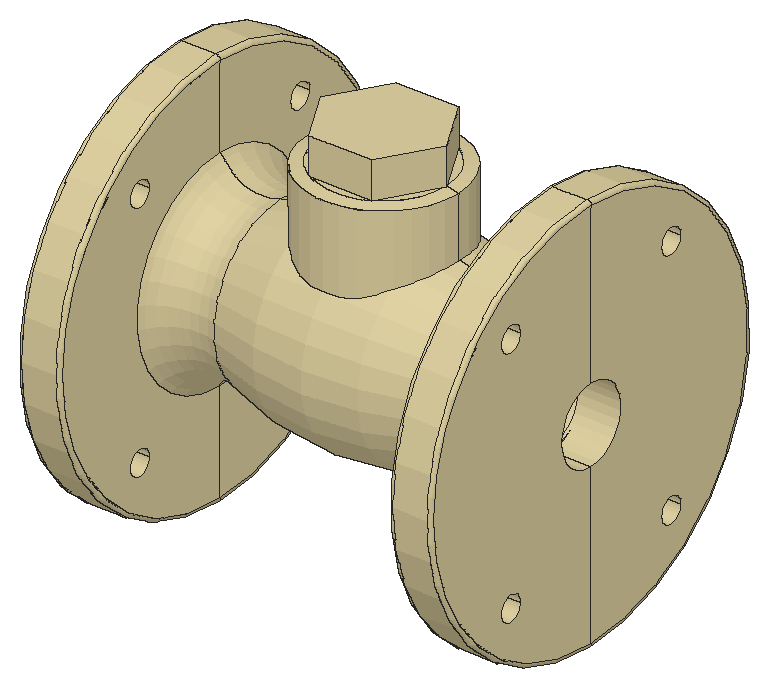
Revit family "DA04280000", category Apparecchi idraulici, Revit 2020
Family settings
  Quota connettore circolare = Usa diametro
  Tipo di parte = Normale
  Numero OmniClass = 23.45.00.00
  Titolo OmniClass = Sanitary, Laundry, and Cleaning Equipment
  Basato su piano di lavoro = No
  Sempre verticale = Sì
  Taglio con vuoti quando caricato = No
  Condiviso = No
  Punto di calcolo locali = No
Parameters
  URL = "https://web.cimberio.com/index.php/figura/17?subcategoria_id=35"
  Temperatura di esercizio = "-10 ÷ 170°C"
  Prospetto di default = 0 mm
  Produttore = "CIMBERIO SPA"
  Pressione nominale = "PN 16"
  Modello = "Cim *77PN6"
  Materiale = "Prodotto in lega di bronzo conforme alla norma EN 1982-CC491K"
  Descrizione = "Utilizzato nei più svariati settori dell'impiantistica in condutture anti-ritorno per: reti di distribuzione acqua potabile, impianti di riscaldamento, condizionamento, igienico-sanitari e distribuzione idrocarburi"
  DN Model [instance] = DA04283110 : DA04283110
  DN [instance] = 15 mm
  Commenti sul tipo = "Realizzato in ottemperanza ai requisiti gestionali della norma EN ISO 9001.\r\nCollaudato al 100% secondo la normativa EN 12266-1"
Reference planes
  plane 1 "Centro (Fronte/Retro)": y = 0
  plane 2: z = 0
  plane 3 "Centro (Sinistra/Destra)": x = 0
Dimensions and locks
  aligned and locked: level to plane 2
Nested families
  nested 1: "DA04283110" at (0, 0, 0), type <- "DN Model", type "DA04283110"
  nested 2: "DA04283110" at (0, 0, 0), type <- "DN Model", type "DA04283110"
  nested 3: "DA04283110" at (0, 0, 0), type <- "DN Model", type "DA04283110"
  nested 4: "DA04283110" at (0, 0, 0), type <- "DN Model", type "DA04283110"
  nested 5: "DA04283110" at (0, 0, 0), type <- "DN Model", type "DA04283110"
  nested 6: "DA04283110" at (0, 0, 0), type <- "DN Model", type "DA04283110"
  nested 7: "DA04283110" at (0, 0, 0), type <- "DN Model", type "DA04283110"
  nested 8: "DA04283110" at (0, 0, 0), type <- "DN Model", type "DA04283110"
  nested 9: "DA04283110" at (0, 0, 0), type <- "DN Model", type "DA04283110"
Connectors
  piping at (41.407, 0, 0), diameter 15, driven by "DN"
    settings: on nested 1, index 1, connector inside diameter 609.6 mm, connector length 0 mm, flow factor 0, pipe flow 0.0 L/s, pressure drop 0.0 Pa, fitting loss kfactor 0, connector angle 0.00°, fixture units 0, engagement length 0 mm, angle of deflection 0.00°, flow configuration 0, flow direction 0, fitting loss method 0, system type 7, joint type 0, gender type 0, connector reference index -1, connector utility 0, adjustable connector no, is connector primary yes, connector description ""
  piping at (-41.232, 0, 0), diameter 15, driven by "DN"
    settings: on nested 1, index 2, connector inside diameter 609.6 mm, connector length 0 mm, flow factor 0, pipe flow 0.0 L/s, pressure drop 0.0 Pa, fitting loss kfactor 0, connector angle 0.00°, fixture units 0, engagement length 0 mm, angle of deflection 0.00°, flow configuration 0, flow direction 0, fitting loss method 0, system type 7, joint type 0, gender type 0, connector reference index -1, connector utility 0, adjustable connector no, is connector primary no, connector description ""
Definition of nested family "DA04283110"
  Parameters (values of type "DA04283110")
    Default Elevation = 0 mm
  Reference planes
    plane 1 "Centro (Fronte/Retro)": y = 0
    plane 2: z = 0
    plane 3 "Centro (Sinistra/Destra)": x = 0
  Forms (mm)
    Revolve 1, solid
      sketch origin (0, 0, 0) x (1, 0, 0) y (0, 0, 1)
        loop
          line (33.343, -7.5) -> (-32.983, -7.5) -> (-32.983, -19.288)
          arc (-32.983, -19.288) -> (-27.734, -14.585) -> (-20.687, -14.614) r 9.811
          arc (-20.687, -14.614) -> (0, -18.5) -> (20.687, -14.614) r 57
          arc (20.687, -14.614) -> (28.136, -14.748) -> (33.343, -20.077) r 9.811
          line (33.343, -20.077) -> (33.343, -7.5)
        axis (-32.983, 2) -> (33.343, 2)
      angle from 0 to 360
    Revolve 2, solid
      sketch origin (0, 0, 0) x (1, 0, 0) y (0, 0, 1)
        loop
          line (-15, 4.172) -> (0, 4.172) -> (0, 32.573) -> (-12.5, 32.573) -> (-15, 32.132) -> (-15, 4.172)
        axis (0, 32.573) -> (0, 4.172)
      angle from 0 to 360
    Extrusion 3, solid
      sketch origin (0, 0, 0) x (0, -1, 0) y (1, 0, 0)
        loop
          line (0, 12.5) -> (-10.825, 6.25) -> (-10.825, -6.25) -> (0, -12.5) -> (10.825, -6.25) -> (10.825, 6.25) -> (0, 12.5)
      from 32.132 to 39.804
    Revolve 4, solid
      sketch origin (-6.732, 0, 0) x (1, 0, 0) y (0, 0, 1)
        loop
          line (-34.5, 39.192) -> (-34.5, 7.5) -> (-26, 7.5) -> (-26, 39.165)
          arc (-26, 39.165) -> (-26.244, 39.756) -> (-26.835, 40) r 0.835
          line (-26.835, 40) -> (-33.692, 40)
          arc (-33.692, 40) -> (-34.263, 39.763) -> (-34.5, 39.192) r 0.808
        axis (-34.5, 0) -> (-26, 0)
      angle from 0 to 360
    Revolve 5, solid
      sketch origin (6.907, 0, 0) x (-1, 0, 0) y (0, 0, 1)
        loop
          line (-34.5, 39.192) -> (-34.5, 7.5) -> (-26, 7.5) -> (-26, 39.165)
          arc (-26, 39.165) -> (-26.244, 39.756) -> (-26.835, 40) r 0.835
          line (-26.835, 40) -> (-33.692, 40)
          arc (-33.692, 40) -> (-34.263, 39.763) -> (-34.5, 39.192) r 0.808
        axis (-34.5, 0) -> (-26, 0)
      angle from 0 to 360
    Extrusion 6, void
      sketch origin (0, 0, 0) x (0, 1, 0) y (0, 0, 1)
        loop
          circle (20, 24.077) r 2.498
        loop
          circle (-20, 24.077) r 2.498
        loop
          circle (20, -24.077) r 2.498
        loop
          circle (-20, -24.077) r 2.498
      from -63.387 to 69.734
  Cuts and joins
    Extrusion 6 cuts Revolve 4
    Extrusion 6 cuts Revolve 5
  Dimensions and locks
    aligned and locked: level to plane 2
